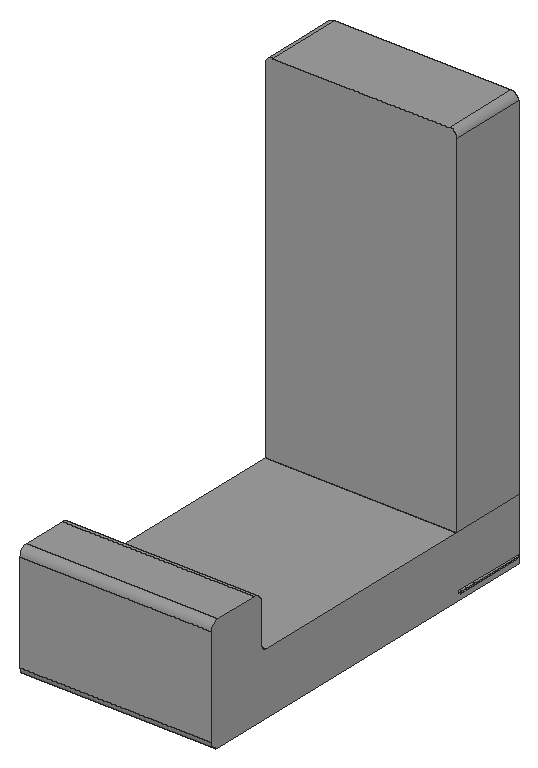
Revit family "PER ATLAS SIMPLE CR NEGRO MATE", category Plumbing Fixtures, Revit 2019
Family settings
  Round Connector Dimension = Use Diameter
  Part Type = Normal
  OmniClass Number = 23.45.00.00
  OmniClass Title = Sanitary, Laundry, and Cleaning Equipment
  Work Plane-Based = No
  Always vertical = Yes
  Cut with Voids When Loaded = No
  Shared = No
  Room Calculation Point = No
Reference planes
  plane 1 "Center (Front/Back)": y = 0
  plane 2: z = 0
  plane 3 "Center (Left/Right)": x = 0
Forms (mm)
  Extrusion 1, solid
    sketch origin (0, 0, 0) x (1, 0, 0) y (0, 0, 1)
      loop
        arc (0, 0.977) -> (0.286, 0.286) -> (0.977, 0) r 0.977
        line (0.977, 0) -> (23.961, 0)
        arc (23.961, 0) -> (24.696, 0.304) -> (25, 1.039) r 1.039
        line (25, 1.039) -> (25, 54.033)
        arc (25, 54.033) -> (24.717, 54.717) -> (24.033, 55) r 0.967
        line (24.033, 55) -> (1.017, 55)
        arc (1.017, 55) -> (0.298, 54.702) -> (0, 53.983) r 1.017
        line (0, 53.983) -> (0, 0.977)
    from 0 to 10
  Extrusion 2, solid
    sketch origin (0, 0, 0) x (0, 1, 0) y (0, 0, 1)
      loop
        line (0, 0) -> (0, 8) -> (-10, 8) -> (-40.962, 8)
        arc (-40.962, 8) -> (-41.696, 8.304) -> (-42, 9.038) r 1.038
        line (-42, 9.038) -> (-42, 13.998)
        arc (-42, 13.998) -> (-42.294, 14.706) -> (-43.002, 15) r 1.002
        line (-43.002, 15) -> (-49.001, 15)
        arc (-49.001, 15) -> (-49.707, 14.707) -> (-50, 14.001) r 0.999
        line (-50, 14.001) -> (-50, 1.011)
        arc (-50, 1.011) -> (-49.704, 0.296) -> (-48.989, 0) r 1.011
        line (-48.989, 0) -> (0, 0)
    from 0 to 25
Dimensions and locks
  aligned and locked: level to plane 2
